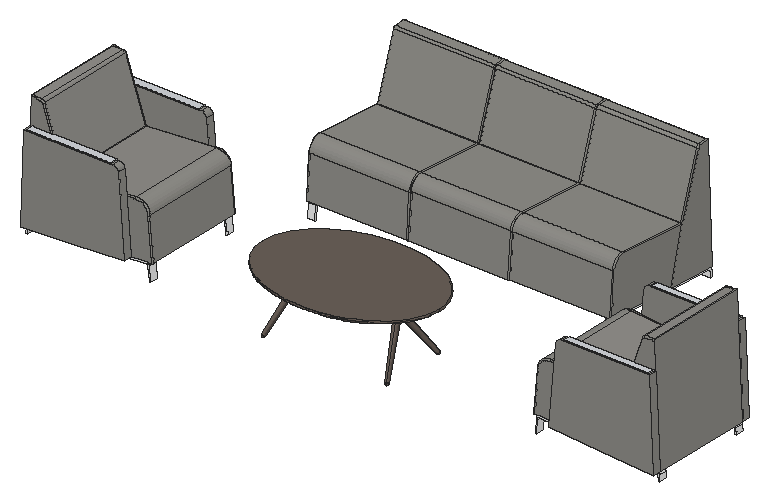
Revit family "T300191", category Furniture, Revit 2015 (continued)
Definition of nested family "OFS NEOM CHAIR"
  Automatic sketch dimensions
    profile plane to Sweep 13 sketch curve = 2.06192"
    profile plane to Sweep 13 sketch curve = 9.15384"
    profile plane to Sweep 13 sketch curve = 4.35087"
    Sweep 13 sketch curve to Sweep 13 sketch curve = 0.64948"
    profile plane to Sweep 13 sketch curve = 1.50087"
    Sweep 13 sketch curve to Sweep 13 sketch curve = 0.1347"
    Sweep 13 sketch curve to Sweep 13 sketch curve = 0.70844"
    Sweep 13 sketch curve to Sweep 13 sketch curve = 0.00983"
    Sweep 13 sketch curve to Sweep 13 sketch curve = 12 129/256"
    Sweep 13 sketch curve to Sweep 13 sketch curve = 13.82007"
    Sweep 13 sketch curve to Sweep 13 sketch curve = 0.50147"
    Sweep 13 sketch curve to Sweep 13 sketch curve = 0.05454"
    Sweep 13 sketch curve to Sweep 13 sketch curve = 0.11897"
    Extrusion 14 sketch curve to Extrusion 14 sketch curve = 0"  (x4)
    Extrusion 14 sketch curve to plane 4 = 5.67548"
    plane 1 "Center Front/Back" to Extrusion 14 sketch curve = 1.00268"
    level to Extrusion 14 sketch curve = 23.13623"
    Extrusion 14 sketch curve to Extrusion 14 sketch curve = 0.61121"
    Extrusion 14 sketch curve to Extrusion 14 sketch curve = 0.62262"
    Extrusion 14 sketch curve to Extrusion 14 sketch curve = 0.31381"
    Extrusion 14 sketch curve to plane 4 = 7.26527"
    Extrusion 14 sketch curve to Extrusion 14 sketch curve = 0.24905"
    Extrusion 14 sketch curve to Extrusion 14 sketch curve = 0.99619"
    plane 8 to Extrusion 14 sketch curve = 2.15801"
    Extrusion 14 sketch curve to Extrusion 14 sketch curve = 0.68566"
    Extrusion 14 sketch curve to Extrusion 14 sketch curve = 0.40562"
    Extrusion 14 sketch curve to Extrusion 14 sketch curve = 0.15691"
    Extrusion 14 sketch curve to Extrusion 14 sketch curve = 0.24871"
    Extrusion 14 sketch curve to Extrusion 14 sketch curve = 0.34283"
    Extrusion 14 sketch curve to Extrusion 14 sketch curve = 1/4"
    Extrusion 14 sketch curve to Extrusion 14 sketch curve = 3/8"
    Extrusion 14 sketch curve to Extrusion 14 sketch curve = 0.89106"
    level to Extrusion 14 sketch curve = 7.94146"
    Extrusion 14 sketch curve to Extrusion 14 sketch curve = 0.71573"
    Extrusion 15 sketch curve to level = 0"  (x2)
    Extrusion 15 sketch curve to plane 4 = 0.95443"
    level to Extrusion 15 sketch curve = 3.9561"
    Extrusion 15 sketch curve to plane 4 = 1.22613"
    Extrusion 15 sketch curve to Extrusion 15 sketch curve = 0.37629"
    Extrusion 15 sketch curve to Extrusion 15 sketch curve = 0.37371"  (x2)
    Extrusion 15 sketch curve to Extrusion 15 sketch curve = 0.39848"
    Extrusion 15 sketch curve to Extrusion 15 sketch curve = 0.02477"  (x3)
    level to Extrusion 15 sketch curve = 2.50605"
    plane 8 to Extrusion 15 sketch curve = 9.50077"
    level to Extrusion 15 sketch curve = 2.88024"
    plane 1 "Center Front/Back" to Extrusion 15 sketch curve = 15/16"
    Extrusion 15 sketch curve to Extrusion 15 sketch curve = 0.34971"
    plane 1 "Center Front/Back" to Extrusion 15 sketch curve = 0.51516"
    plane 1 "Center Front/Back" to Extrusion 15 sketch curve = 0.21331"
    plane 1 "Center Front/Back" to Extrusion 15 sketch curve = 0.13965"
    Extrusion 15 sketch curve to Extrusion 15 sketch curve = 0"  (x2)
    Extrusion 15 sketch curve to Extrusion 15 sketch curve = 0.37449"
    Extrusion 15 sketch curve to Extrusion 15 sketch curve = 0.37418"  (x2)
    Extrusion 15 sketch curve to Extrusion 15 sketch curve = 0.31207"
    Extrusion 15 sketch curve to Extrusion 15 sketch curve = 0.03105"
    level to Extrusion 15 sketch curve = 2.1147"
    Extrusion 15 sketch curve to Extrusion 15 sketch curve = 0.33493"
    Extrusion 15 sketch curve to Extrusion 15 sketch curve = 0.01963"
    Extrusion 16 sketch curve to plane 4 = 5.66596"
    plane 1 "Center Front/Back" to Extrusion 16 sketch curve = 1.06705"
    level to Extrusion 16 sketch curve = 23.13623"
    Extrusion 16 sketch curve to plane 4 = 7.26527"
    Extrusion 16 sketch curve to Extrusion 16 sketch curve = 1.24524"
    level to Extrusion 16 sketch curve = 2.88024"
    plane 8 to Extrusion 16 sketch curve = 9.476"
    plane 1 "Center Front/Back" to Extrusion 16 sketch curve = 0.11542"
    Extrusion 16 sketch curve to Extrusion 16 sketch curve = 1.14106"
    level to Extrusion 16 sketch curve = 3.71493"
    level to Extrusion 16 sketch curve = 2.06192"
    Extrusion 17 sketch curve to plane 9 = 0"
    Extrusion 17 sketch curve to plane 10 = 0"
    Extrusion 17 sketch curve to plane 8 = 1.29243"
    Extrusion 17 sketch curve to plane 4 = 9.07958"
Definition of nested family "OFS ROO OVAL COFFEE TABLE 42x30"
  Parameters (values of type "ROO OVAL COFFEE TABLE 42x30")
    URL = "https://ofs.com/"
    Table Surface Material = none
    Legs Material = none
    Height = 15"
    Depth = 30"
    Model = "RO-4230OV15H"
    Manufacturer = "CAROLINA"
    Description = "OFS CAROLINA ROO OVAL COFFEE TABLE, 42\" Width, 30\" Depth, 15\" Height, 3/4\" Thick Tops with Flat Knife Edge, European Beech Legs"
    Width = 42"
    Copyright © = "©OFS 2019"
    Catalog = "https://ofs.com/products/tables/occasional/roo"
    Base Material = none
    Authoring Version = "Autodesk Revit Architecture 2015"
    Assembly Code = "E2020200"
  Reference planes
    plane 1: z = -3.175
    plane 2 "LEFT": x = -176.403
    plane 3 "RIGHT": x = 890.397
    plane 4 "BACK": y = 169.325
    plane 5 "FRONT": y = -592.675
    plane 6 "SURFACE TOP": z = 377.825
    plane 7: y = -211.675
    plane 8: x = 356.997
  Forms (mm)
    Extrusion 1, solid, material <- "Base Material"
      sketch origin (356.132, -568.671, 377.825) x (-1, 0, 0) y (0, -1, 0)
        loop
          line (-211.675, -280.797) -> (-364.075, -280.797) -> (-364.075, -433.197) -> (-211.675, -433.197) -> (-211.675, -280.797)
      from -19.05 to -23.812
    Sweep 2, solid, material <- "Base Material"
      path origin (356.462, -440.275, 0) x (-1, 0, 0) y (0, 0, 1)
        loop
          line (-287.875, 354.012) -> (-287.875, 313.544)
          arc (-287.875, 313.544) -> (-281.129, 297.258) -> (-264.843, 290.512) r 23.032
          line (-264.843, 290.512) -> (-229.135, 290.512)
      profile origin (644.337, -440.275, 333.778) x (0, 1, 0) y (-1, 0, 0)
        loop
          circle (228.6, 0) r 15.875
    Sweep 3, solid, material <- "Base Material"
      path origin (521.596, 74.628, 0) x (0.406737, 0.913545, 0) y (0, 0, 1)
        loop
          line (-211.675, 354.012) -> (-211.675, 323.661)
          arc (-211.675, 323.661) -> (-206.533, 291.749) -> (-191.628, 263.067) r 101.6
          line (-191.628, 263.067) -> (-175.755, 241.704)
      profile origin (435.5, -118.746, 338.837) x (0.913545, -0.406737, 0) y (0.406737, 0.913545, 0)
        loop
          circle (228.6, 0) r 15.875
    SweptBlend 4, solid, material <- "Legs Material"
      path origin (521.596, 74.628, 0) x (0.406737, 0.913545, 0) y (0, 0, 1)
        loop
          line (-175.755, 241.704) -> (-1.038, 6.555)
      profile origin (450.11, -85.932, 241.704) x (0.326482, 0.73329, 0.596401) y (0.913545, -0.406737, 0)
        loop
          circle (0, 228.6) r 15.875
      end profile origin (521.174, 73.681, 6.555) x (0.326482, 0.73329, 0.596401) y (0.913545, -0.406737, 0)
        loop
          circle (0, 228.6) r 9.525
    Revolve 5, solid, material <- "Legs Material"
      sketch origin (730.433, -18.352, 0) x (0.406737, 0.913545, 0) y (0, 0, 1)
        loop
          line (-1.038, 6.555) -> (4.643, -1.091)
          arc (4.643, -1.091) -> (8.386, 5.166) -> (6.608, 12.236) r 9.525
          line (6.608, 12.236) -> (-1.038, 6.555)
        axis (4.643, -1.091) -> (-1.038, 6.555)
      angle from 0 to 360
    Sweep 6, solid, material <- "Base Material"
      path origin (521.596, -497.978, 0) x (0.406737, -0.913545, 0) y (0, 0, -1)
        loop
          line (-211.675, -354.012) -> (-211.675, -323.661)
          arc (-211.675, -323.661) -> (-206.533, -291.749) -> (-191.628, -263.067) r 101.6
          line (-191.628, -263.067) -> (-175.755, -241.704)
      profile origin (435.5, -304.604, 338.837) x (0.913545, 0.406737, 0) y (-0.406737, 0.913545, 0)
        loop
          circle (228.6, 0) r 15.875
    SweptBlend 7, solid, material <- "Legs Material"
      path origin (521.596, -497.978, 0) x (0.406737, -0.913545, 0) y (0, 0, -1)
        loop
          line (-175.755, -241.704) -> (-1.038, -6.555)
      profile origin (450.11, -337.418, 241.704) x (-0.326482, 0.73329, -0.596401) y (0.913545, 0.406737, 0)
        loop
          circle (0, 228.6) r 15.875
      end profile origin (521.174, -497.03, 6.555) x (-0.326482, 0.73329, -0.596401) y (0.913545, 0.406737, 0)
        loop
          circle (0, 228.6) r 9.525
    Revolve 8, solid, material <- "Legs Material"
      sketch origin (730.433, -404.998, 0) x (0.406737, -0.913545, 0) y (0, 0, -1)
        loop
          line (-1.038, -6.555) -> (6.608, -12.236)
          arc (6.608, -12.236) -> (8.386, -5.166) -> (4.643, 1.091) r 9.525
          line (4.643, 1.091) -> (-1.038, -6.555)
        axis (4.643, 1.091) -> (-1.038, -6.555)
      angle from 0 to 360
    Extrusion 9, solid, material <- "Base Material"
      sketch origin (357.861, -568.671, 377.825) x (1, 0, 0) y (0, 1, 0)
        loop
          line (-211.675, 280.797) -> (-211.675, 433.197) -> (-364.075, 433.197) -> (-364.075, 280.797) -> (-211.675, 280.797)
      from -19.05 to -23.812
    Sweep 10, solid, material <- "Base Material"
      path origin (357.531, -440.275, 0) x (1, 0, 0) y (0, 0, -1)
        loop
          line (-287.875, -354.012) -> (-287.875, -313.544)
          arc (-287.875, -313.544) -> (-281.129, -297.258) -> (-264.843, -290.512) r 23.032
          line (-264.843, -290.512) -> (-229.135, -290.512)
      profile origin (69.656, -440.275, 333.778) x (0, 1, 0) y (-1, 0, 0)
        loop
          circle (228.6, 0) r 15.875
    Sweep 11, solid, material <- "Base Material"
      path origin (192.397, 74.628, 0) x (-0.406737, 0.913545, 0) y (0, 0, -1)
        loop
          line (-211.675, -354.012) -> (-211.675, -323.661)
          arc (-211.675, -323.661) -> (-206.533, -291.749) -> (-191.628, -263.067) r 101.6
          line (-191.628, -263.067) -> (-175.755, -241.704)
      profile origin (278.493, -118.746, 338.837) x (-0.913545, -0.406737, 0) y (0.406737, -0.913545, 0)
        loop
          circle (228.6, 0) r 15.875
    SweptBlend 12, solid, material <- "Legs Material"
      path origin (192.397, 74.628, 0) x (-0.406737, 0.913545, 0) y (0, 0, -1)
        loop
          line (-175.755, -241.704) -> (-1.038, -6.555)
      profile origin (263.883, -85.932, 241.704) x (0.326482, -0.73329, -0.596401) y (-0.913545, -0.406737, 0)
        loop
          circle (0, 228.6) r 15.875
      end profile origin (192.819, 73.681, 6.555) x (0.326482, -0.73329, -0.596401) y (-0.913545, -0.406737, 0)
        loop
          circle (0, 228.6) r 9.525
    Revolve 13, solid, material <- "Legs Material"
      sketch origin (-16.44, -18.352, 0) x (-0.406737, 0.913545, 0) y (0, 0, -1)
        loop
          line (-1.038, -6.555) -> (6.608, -12.236)
          arc (6.608, -12.236) -> (8.386, -5.166) -> (4.643, 1.091) r 9.525
          line (4.643, 1.091) -> (-1.038, -6.555)
        axis (4.643, 1.091) -> (-1.038, -6.555)
      angle from 0 to 360
    Sweep 14, solid, material <- "Base Material"
      path origin (192.397, -497.978, 0) x (-0.406737, -0.913545, 0) y (0, 0, 1)
        loop
          line (-211.675, 354.012) -> (-211.675, 323.661)
          arc (-211.675, 323.661) -> (-206.533, 291.749) -> (-191.628, 263.067) r 101.6
          line (-191.628, 263.067) -> (-175.755, 241.704)
      profile origin (278.493, -304.604, 338.837) x (-0.913545, 0.406737, 0) y (-0.406737, -0.913545, 0)
        loop
          circle (228.6, 0) r 15.875
    SweptBlend 15, solid, material <- "Legs Material"
      path origin (192.397, -497.978, 0) x (-0.406737, -0.913545, 0) y (0, 0, 1)
        loop
          line (-175.755, 241.704) -> (-1.038, 6.555)
      profile origin (263.883, -337.418, 241.704) x (-0.326482, -0.73329, 0.596401) y (-0.913545, 0.406737, 0)
        loop
          circle (0, 228.6) r 15.875
      end profile origin (192.819, -497.03, 6.555) x (-0.326482, -0.73329, 0.596401) y (-0.913545, 0.406737, 0)
        loop
          circle (0, 228.6) r 9.525
    Revolve 16, solid, material <- "Legs Material"
      sketch origin (-16.44, -404.998, 0) x (-0.406737, -0.913545, 0) y (0, 0, 1)
        loop
          line (-1.038, 6.555) -> (4.643, -1.091)
          arc (4.643, -1.091) -> (8.386, 5.166) -> (6.608, 12.236) r 9.525
          line (6.608, 12.236) -> (-1.038, 6.555)
        axis (4.643, -1.091) -> (-1.038, 6.555)
      angle from 0 to 360
    Extrusion 17, solid, material <- "Legs Material"
      sketch origin (-176.403, 0, 0) x (0, 1, 0) y (0, 0, 1)
        loop
          circle (-211.675, 290.512) r 15.875
      from 762 to 304.8
    Extrusion 18, solid, material <- "Table Surface Material"
      sketch origin (0, 0, 377.825) x (0, 1, 0) y (-1, 0, 0)
        loop
          spline (-211.675, 176.403) -> (-310.285, 158.228) -> (-402.175, 104.941) -> (-481.082, 20.174) -> (-541.63, -90.297) -> (-579.693, -218.942) -> (-592.675, -356.997) -> (-579.693, -495.051) -> (-541.63, -623.697) -> (-481.082, -734.167) -> (-402.175, -818.934) -> (-310.285, -872.221) -> (-211.675, -890.397)
          spline (-211.675, -890.397) -> (-113.065, -872.221) -> (-21.175, -818.934) -> (57.733, -734.167) -> (118.281, -623.697) -> (156.343, -495.051) -> (169.325, -356.997) -> (156.343, -218.942) -> (118.281, -90.297) -> (57.733, 20.174) -> (-21.175, 104.941) -> (-113.065, 158.228) -> (-211.675, 176.403)
      from 0 to -19.05
    Sweep 19, void
      path in 3D
        loop
          spline (890.397, -211.675, 377.825) -> (872.221, -310.285, 377.825) -> (818.934, -402.175, 377.825) -> (734.167, -481.082, 377.825) -> (623.697, -541.63, 377.825) -> (495.051, -579.693, 377.825) -> (356.997, -592.675, 377.825) -> (218.942, -579.693, 377.825) -> (90.297, -541.63, 377.825) -> (-20.174, -481.082, 377.825) -> (-104.941, -402.175, 377.825) -> (-158.228, -310.285, 377.825) -> (-176.403, -211.675, 377.825)
          spline (-176.403, -211.675, 377.825) -> (-158.228, -113.065, 377.825) -> (-104.941, -21.175, 377.825) -> (-20.174, 57.733, 377.825) -> (90.297, 118.281, 377.825) -> (218.942, 156.343, 377.825) -> (356.997, 169.325, 377.825) -> (495.051, 156.343, 377.825) -> (623.697, 118.281, 377.825) -> (734.167, 57.733, 377.825) -> (818.934, -21.175, 377.825) -> (872.221, -113.065, 377.825) -> (890.397, -211.675, 377.825)
      profile origin (356.997, 169.325, 377.825) x (0, 1, 0) y (0, 0, 1)
        loop
          line (1.588, -8.389) -> (-16.663, -20.241) -> (1.588, -20.241) -> (1.588, -8.389)
  Cuts and joins
    Sweep 19 cuts Extrusion 18
  Lines and regions (mm)
    sketch lines
      curve 1: spline (-176.403, -211.675, 377.825) -> (-158.228, -113.065, 377.825) -> (-104.941, -21.175, 377.825) -> (-20.174, 57.733, 377.825) -> (90.297, 118.281, 377.825) -> (218.942, 156.343, 377.825) -> (356.997, 169.325, 377.825) -> (495.051, 156.343, 377.825) -> (623.697, 118.281, 377.825) -> (734.167, 57.733, 377.825) -> (818.934, -21.175, 377.825) -> (872.221, -113.065, 377.825) -> (890.397, -211.675, 377.825)
      curve 2: spline (890.397, -211.675, 377.825) -> (872.221, -310.285, 377.825) -> (818.934, -402.175, 377.825) -> (734.167, -481.082, 377.825) -> (623.697, -541.63, 377.825) -> (495.051, -579.693, 377.825) -> (356.997, -592.675, 377.825) -> (218.942, -579.693, 377.825) -> (90.297, -541.63, 377.825) -> (-20.174, -481.082, 377.825) -> (-104.941, -402.175, 377.825) -> (-158.228, -310.285, 377.825) -> (-176.403, -211.675, 377.825)
  Dimensions and locks
    "Depth": plane 4 "BACK" to plane 5 "FRONT"
    "Width": plane 2 "LEFT" to plane 3 "RIGHT"
    "Height": plane 6 "SURFACE TOP" to level
    equal spacing: plane 2 "LEFT", plane 8, plane 3 "RIGHT"
    equal spacing: plane 4 "BACK", plane 7, plane 5 "FRONT"
    aligned: level to plane 1
  Automatic sketch dimensions
    Extrusion 1 sketch curve to plane 3 "RIGHT" = 6.70039"
    plane 7 to Extrusion 1 sketch curve = 3"
    Extrusion 1 sketch curve to plane 7 = 3"
    Extrusion 1 sketch curve to Extrusion 1 sketch curve = 6"
    Sweep 2 sketch curve to plane 3 "RIGHT" = 9.6874"
    Sweep 2 sketch curve to plane 6 "SURFACE TOP" = 3 7/16"
    Sweep 2 sketch curve to Sweep 2 sketch curve = 0.90676"
    Sweep 2 sketch curve to Sweep 2 sketch curve = 1.40584"
    Sweep 2 sketch curve to plane 6 "SURFACE TOP" = 15/16"
    Sweep 2 sketch curve to profile plane = 0"
    profile plane to Sweep 2 sketch curve = 9"
    Sweep 3 sketch curve to plane 6 "SURFACE TOP" = 2.13242"
    Sweep 3 sketch curve to plane 6 "SURFACE TOP" = 4.51803"
    Sweep 3 sketch curve to Sweep 3 sketch curve = 0.78925"
    Sweep 3 sketch curve to plane 6 "SURFACE TOP" = 5.35908"
    Sweep 3 sketch curve to Sweep 3 sketch curve = 0.62491"
    Sweep 3 sketch curve to plane 6 "SURFACE TOP" = 15/16"
    profile plane to Sweep 3 sketch curve = 0"
    profile plane to Sweep 3 sketch curve = 9"
    SweptBlend 4 sketch curve to plane 6 "SURFACE TOP" = 5.35908"
    level to SweptBlend 4 sketch curve = 0.38307"
    SweptBlend 4 sketch curve to SweptBlend 4 sketch curve = 6.87864"
    SweptBlend 4 sketch curve to profile plane = 0"  (x2)
    profile plane to SweptBlend 4 sketch curve = 9"  (x2)
    level to Revolve 5 sketch curve = 0.38307"  (x2)
    level to Revolve 5 sketch curve = 0.08206"
    level to Revolve 5 sketch curve = 0.60672"
    Revolve 5 sketch curve to Revolve 5 sketch curve = 0.22365"
    level to Revolve 5 sketch curve = 0.94024"
    Revolve 5 sketch curve to Revolve 5 sketch curve = 0.41398"
    Revolve 5 sketch curve to Revolve 5 sketch curve = 0"  (x2)
    Sweep 6 sketch curve to plane 6 "SURFACE TOP" = 2.13242"
    Sweep 6 sketch curve to plane 6 "SURFACE TOP" = 4.51803"
    Sweep 6 sketch curve to Sweep 6 sketch curve = 0.78925"
    Sweep 6 sketch curve to plane 6 "SURFACE TOP" = 5.35908"
    Sweep 6 sketch curve to Sweep 6 sketch curve = 0.62491"
    Sweep 6 sketch curve to plane 6 "SURFACE TOP" = 15/16"
    profile plane to Sweep 6 sketch curve = 0"
    profile plane to Sweep 6 sketch curve = 9"
    SweptBlend 7 sketch curve to plane 6 "SURFACE TOP" = 5.35908"
    level to SweptBlend 7 sketch curve = 0.38307"
    SweptBlend 7 sketch curve to SweptBlend 7 sketch curve = 6.87864"
    SweptBlend 7 sketch curve to profile plane = 0"  (x2)
    profile plane to SweptBlend 7 sketch curve = 9"  (x2)
    level to Revolve 8 sketch curve = 0.38307"  (x2)
    level to Revolve 8 sketch curve = 0.08206"
    level to Revolve 8 sketch curve = 0.60672"
    Revolve 8 sketch curve to Revolve 8 sketch curve = 0.22365"
    level to Revolve 8 sketch curve = 0.94024"
    Revolve 8 sketch curve to Revolve 8 sketch curve = 0.41398"
    Revolve 8 sketch curve to Revolve 8 sketch curve = 0"  (x2)
    plane 2 "LEFT" to Extrusion 9 sketch curve = 6.70039"
    Extrusion 9 sketch curve to plane 7 = 3"
    Extrusion 9 sketch curve to Extrusion 9 sketch curve = 6"
    plane 7 to Extrusion 9 sketch curve = 3"
    plane 2 "LEFT" to Sweep 10 sketch curve = 9.6874"
    Sweep 10 sketch curve to plane 6 "SURFACE TOP" = 2.53074"
    Sweep 10 sketch curve to Sweep 10 sketch curve = 0.90676"
    Sweep 10 sketch curve to Sweep 10 sketch curve = 1.40584"
    Sweep 10 sketch curve to plane 6 "SURFACE TOP" = 15/16"
    Sweep 10 sketch curve to profile plane = 0"
    profile plane to Sweep 10 sketch curve = 9"
    Sweep 11 sketch curve to plane 6 "SURFACE TOP" = 2.13242"
    Sweep 11 sketch curve to plane 6 "SURFACE TOP" = 4.51803"
    Sweep 11 sketch curve to Sweep 11 sketch curve = 0.78925"
    Sweep 11 sketch curve to plane 6 "SURFACE TOP" = 5.35908"
    Sweep 11 sketch curve to Sweep 11 sketch curve = 0.62491"
    Sweep 11 sketch curve to plane 6 "SURFACE TOP" = 15/16"
    Sweep 11 sketch curve to profile plane = 0"
    profile plane to Sweep 11 sketch curve = 9"
    SweptBlend 12 sketch curve to plane 6 "SURFACE TOP" = 5.35908"
    level to SweptBlend 12 sketch curve = 0.38307"
    SweptBlend 12 sketch curve to SweptBlend 12 sketch curve = 6.87864"
    profile plane to SweptBlend 12 sketch curve = 0"  (x2)
    profile plane to SweptBlend 12 sketch curve = 9"  (x2)
    level to Revolve 13 sketch curve = 0.38307"  (x2)
    level to Revolve 13 sketch curve = 0.08206"
    level to Revolve 13 sketch curve = 0.60672"
    Revolve 13 sketch curve to Revolve 13 sketch curve = 0.22365"
    level to Revolve 13 sketch curve = 0.94024"
    Revolve 13 sketch curve to Revolve 13 sketch curve = 0.41398"
    Revolve 13 sketch curve to Revolve 13 sketch curve = 0"  (x2)
    Sweep 14 sketch curve to plane 6 "SURFACE TOP" = 2.13242"
    Sweep 14 sketch curve to plane 6 "SURFACE TOP" = 4.51803"
    Sweep 14 sketch curve to Sweep 14 sketch curve = 0.78925"
    Sweep 14 sketch curve to plane 6 "SURFACE TOP" = 5.35908"
    Sweep 14 sketch curve to Sweep 14 sketch curve = 0.62491"
    Sweep 14 sketch curve to plane 6 "SURFACE TOP" = 15/16"
    Sweep 14 sketch curve to profile plane = 0"
    profile plane to Sweep 14 sketch curve = 9"
    SweptBlend 15 sketch curve to plane 6 "SURFACE TOP" = 5.35908"
    level to SweptBlend 15 sketch curve = 0.38307"
    SweptBlend 15 sketch curve to SweptBlend 15 sketch curve = 6.87864"
    profile plane to SweptBlend 15 sketch curve = 0"  (x2)
    profile plane to SweptBlend 15 sketch curve = 9"  (x2)
    level to Revolve 16 sketch curve = 0.38307"  (x2)
    level to Revolve 16 sketch curve = 0.08206"
    level to Revolve 16 sketch curve = 0.60672"
    Revolve 16 sketch curve to Revolve 16 sketch curve = 0.22365"
    level to Revolve 16 sketch curve = 0.94024"
    Revolve 16 sketch curve to Revolve 16 sketch curve = 0.41398"
    Revolve 16 sketch curve to Revolve 16 sketch curve = 0"  (x2)
    Extrusion 17 sketch curve to plane 7 = 0"
    Extrusion 17 sketch curve to plane 6 "SURFACE TOP" = 3 7/16"
    profile plane to Sweep 19 sketch curve = 0.65601"
    Sweep 19 sketch curve to profile plane = 51/64"
    Sweep 19 sketch curve to profile plane = 1/16"
    Sweep 19 sketch curve to profile plane = 0.33027"
    Extrusion 18 sketch curve to plane 2 "LEFT" = 0"
    Extrusion 18 sketch curve to plane 7 = 0"
    Extrusion 18 sketch curve to plane 8 = 0"
    radius of Sweep 2 sketch curve = 5/8"
    radius of Sweep 3 sketch curve = 5/8"
    radius of SweptBlend 4 sketch curve = 5/8"
    radius of SweptBlend 4 sketch curve = 3/8"
    radius of Sweep 6 sketch curve = 5/8"
    radius of SweptBlend 7 sketch curve = 5/8"
    radius of SweptBlend 7 sketch curve = 3/8"
    radius of Sweep 10 sketch curve = 5/8"
    radius of Sweep 11 sketch curve = 5/8"
    radius of SweptBlend 12 sketch curve = 5/8"
    radius of SweptBlend 12 sketch curve = 3/8"
    radius of Sweep 14 sketch curve = 5/8"
    radius of SweptBlend 15 sketch curve = 5/8"
    radius of SweptBlend 15 sketch curve = 3/8"
    radius of Extrusion 17 sketch curve = 5/8"
Definition of nested family "OFS ELEMENT OPEN L DESK LEFT AND RIGHT 84in Width 60in Return"
  Parameters (values of type "ELEMENT OPEN L DESK RIGHT RETURN 84in Width 60in Return")
    Worksurface Material = none
    Width = 84"
    URL = "http://www.ofsbrands.com/"
    Transaction Shelf Material = none
    Table Supp from Lateral = 2 5/8"
    Table Supp from Center = 11 1/8"
    Table Depth = 13 1/2"
    Right Return Desk Option = no
    Right Desk Ovelay [instance] = and(Right Return Desk Option, Desk Overlay Option)  # no
    Return Worksurface Width = 22"
    Paper Organizer Material = none
    Paper Organizer Depth = 12 3/4"
    Paper Organizer Clearance = 4 5/8"
    Paper Organizer Board Thickness = 3/4"
    Model = "EL-T84RL60C"
    Manufacturer = "OFS"
    Left Return Desk Option = yes
    Left Desk Overlay [instance] = and(Left Return Desk Option, Desk Overlay Option)  # yes
    Lateral Board Thickness = 1 3/16"
    Height = 45"
    Standoffs Material = none
    Groomet Material = none
    Desk Overlay Thickness = 1/8"
    Desk Overlay Option [instance] = yes
    Desk Overlay Material = none
    Desk Overlay = 6 1/2"
    Description = "OFS BRANDS OFS ELEMENT OPEN L DESK RIGHT RETURN 84\" Width, 84\"W x 34.3125\"D DESK, 60\"W x 22\"D RETURN With Paper Organizer"
    Desk Depth = 34 5/16"
    Depth = 94 5/16"
    Copyright © = "© 2018 OFS BRANDS"
    Catalog = "http://ofs.com/products/casegoods/reception/element"
    Bottom Board Offset = 0"
    Chassis Material = none
    Base Depth = 30"
    Back Board Thickness = 1 3/16"
    Authoring Version = "Autodesk Revit Architecture 2013"
    Assembly Code = "E2020200"
  Types (3): name | Model | Left Return Desk Option | Left Desk Overlay | Description
    (no name) | "EL-T84RL60C" | yes | yes | "OFS BRANDS OFS ELEMENT OPEN L DESK RIGHT RETURN 84\" Width, 84\"W x 34.3125\"D DESK, 60\"W x 22\"D RETURN With Paper Organizer"
    ELEMENT OPEN L DESK LEFT RETURN 84in Width 60in Return | "EL-T84LL60C" | no | no | "OFS BRANDS OFS ELEMENT OPEN L DESK LEFT RETURN 84\" Width, 84\"W x 34.3125\"D DESK, 60\"W x 22\"D RETURN With Paper Organizer"
    ELEMENT OPEN L DESK RIGHT RETURN 84in Width 60in Return | "EL-T84RL60C" | yes | yes | "OFS BRANDS OFS ELEMENT OPEN L DESK RIGHT RETURN 84\" Width, 84\"W x 34.3125\"D DESK, 60\"W x 22\"D RETURN With Paper Organizer"
  Reference planes
    plane 1 "Center Front/Back": y = 0
    plane 2: z = 0
    plane 3 "Center Left/Right": x = 0
    plane 4 "Back External": y = 435.769
    plane 5 "Right External": x = 1066.8
    plane 6 "Front External": y = -435.769
    plane 7 "Left External": x = -1066.8
    plane 8 "Seat Height": z = 749.3
    plane 9 "Height": z = 1143
    plane 10: x = 1036.638
    plane 11: x = -1036.638
    plane 12: y = 326.231
    plane 13: y = 296.069
    plane 14: y = 92.869
    plane 15: z = 1028.7
    plane 16: z = 723.9
    plane 17: z = 1114.425
    plane 18: z = 1000.125
    plane 19: z = 0
    plane 20: x = 1000.125
    plane 21: x = 66.675
    plane 22: x = 901.7
    plane 23: z = 165.1
    plane 24: z = 863.6
    plane 25: y = 329.406
    plane 26: y = -1959.769
    plane 27: x = -508
    plane 28: x = 508
    plane 29: y = -1929.606
    plane 30: x = -939.8
    plane 31: x = 939.8
    plane 32: y = -1197.769
    plane 33: x = 165.1
    plane 34: y = -465.931
    plane 35: y = -1910.556
    plane 36: x = -1017.588
    plane 37: y = -484.981
    plane 38: x = -712.788
    plane 39: z = 866.775
    plane 40: z = 1009.65
    plane 41: z = 885.825
    plane 42: y = -1563.688
    plane 43: y = -831.85
    plane 44: x = -731.838
    plane 45: x = 508
    plane 46: x = 939.8
    plane 47: y = -484.981
    plane 48: x = 712.788
    plane 49: y = -1563.687
    plane 50: y = -831.85
    plane 51: x = 731.838
    plane 52: x = -1000.125
    plane 53: x = -66.675
    plane 54: x = -901.7
    plane 55: x = -165.1
  Forms (mm)
    Extrusion 1, solid, material <- "Chassis Material", visible <- "Left Return Desk Option"
      sketch origin (0, 0, 0) x (1, 0, 0) y (0, 1, 0)
        loop
          line (1066.8, 326.231) -> (0, 326.231) -> (0, 296.069) -> (1036.638, 296.069) -> (1036.638, -435.769) -> (1066.8, -435.769) -> (1066.8, 326.231)
      from 0 to 1028.7
    Extrusion 2, solid, material <- "Chassis Material", visible <- "Left Return Desk Option"
      sketch origin (0, 0, 152.4) x (1, 0, 0) y (0, 1, 0)
        loop
          line (0, 296.069) -> (0, 92.869) -> (1036.638, 92.869) -> (1036.638, 296.069) -> (0, 296.069)
      from 847.725 to 876.3
    Extrusion 3, solid, material <- "Transaction Shelf Material", visible <- "Left Return Desk Option"
      sketch origin (0, 0, 152.4) x (1, 0, 0) y (0, 1, 0)
        loop
          line (0, 435.769) -> (0, 92.869) -> (1066.8, 92.869) -> (1066.8, 435.769) -> (0, 435.769)
      from 962.025 to 990.6
    Extrusion 4, solid, material <- "Standoffs Material", visible <- "Left Return Desk Option"
      sketch origin (1130.3, 0, 0) x (1, 0, 0) y (0, 1, 0)
        loop
          circle (-1063.625, 255.038) r 15.875
      from 1028.7 to 1114.425
    Extrusion 5, solid, material <- "Standoffs Material", visible <- "Left Return Desk Option"
      sketch origin (1130.3, -120.65, 0) x (1, 0, 0) y (0, 1, 0)
        loop
          circle (-1063.625, 255.038) r 15.875
      from 1028.7 to 1114.425
    Extrusion 6, solid, material <- "Standoffs Material", visible <- "Left Return Desk Option"
      sketch origin (1695.45, 0, 0) x (1, 0, 0) y (0, 1, 0)
        loop
          circle (-695.325, 255.038) r 15.875
      from 1028.7 to 1114.425
    Extrusion 7, solid, material <- "Standoffs Material", visible <- "Left Return Desk Option"
      sketch origin (1695.45, -120.65, 0) x (1, 0, 0) y (0, 1, 0)
        loop
          circle (-695.325, 255.038) r 15.875
      from 1028.7 to 1114.425
    Extrusion 8, solid, material <- "Chassis Material", visible <- "Left Return Desk Option"
      sketch origin (0, 0, 0) x (1, 0, 0) y (0, 1, 0)
        loop
          line (-1066.8, -435.769) -> (-1066.8, -1959.769) -> (-508, -1959.769) -> (-508, -1929.606) -> (-1036.638, -1929.606) -> (-1036.638, -465.931) -> (-508, -465.931) -> (-508, -435.769) -> (-1066.8, -435.769)
      from 0 to 1028.7
    Extrusion 9, solid, material <- "Worksurface Material", visible <- "Left Return Desk Option"
      sketch origin (376.917, -823.965, 0) x (1, 0, 0) y (0, 1, 0)
        loop
          line (-1413.555, 358.034) -> (-1413.555, -1105.641) -> (-884.917, -1105.641) -> (-884.917, 358.034) -> (-1413.555, 358.034)
      from 723.9 to 749.3
    Extrusion 10, solid, material <- "Desk Overlay Material", visible <- "Left Desk Overlay"
      sketch origin (0, 0, 0) x (1, 0, 0) y (0, 0, 1)
        loop
          line (901.7, 863.6) -> (165.1, 863.6) -> (165.1, 165.1) -> (901.7, 165.1) -> (901.7, 863.6)
      from -329.406 to -326.231
    Extrusion 11, solid, material <- "Chassis Material", visible <- "Left Return Desk Option"
      sketch origin (-472.054, -100.338, 0) x (1, 0, 0) y (0, 1, 0)
        loop
          line (502.217, 396.407) -> (472.054, 396.407) -> (472.054, 100.338) -> (502.217, 100.338) -> (502.217, 396.407)
      from 0 to 723.9
    Extrusion 12, solid, material <- "Paper Organizer Material", visible <- "Left Return Desk Option"
      sketch origin (0, 0, 0) x (1, 0, 0) y (0, 1, 0)
        loop
          line (-712.788, -484.981) -> (-712.788, -465.931) -> (-1036.638, -465.931) -> (-1036.638, -1929.606) -> (-712.788, -1929.606) -> (-712.788, -1910.556) -> (-1017.588, -1910.556) -> (-1017.588, -484.981) -> (-712.788, -484.981)
      from 866.775 to 1028.7
    Extrusion 13, solid, material <- "Paper Organizer Material", visible <- "Left Return Desk Option"
      sketch origin (0, 0, 0) x (1, 0, 0) y (0, 1, 0)
        loop
          line (-1036.638, -465.931) -> (-1036.638, -1929.606) -> (-712.788, -1929.606) -> (-712.788, -465.931) -> (-1036.638, -465.931)
      from 1009.65 to 1028.7
    Extrusion 14, solid, material <- "Paper Organizer Material", visible <- "Left Return Desk Option"
      sketch origin (0, 0, 0) x (1, 0, 0) y (0, 1, 0)
        loop
          line (-1036.638, -465.931) -> (-1036.638, -1929.606) -> (-712.788, -1929.606) -> (-712.788, -465.931) -> (-1036.638, -465.931)
      from 866.775 to 885.825
    Extrusion 15, solid, material <- "Paper Organizer Material", visible <- "Left Return Desk Option"
      sketch origin (0, 0, 0) x (1, 0, 0) y (0, 1, 0)
        loop
          line (-1017.588, -828.675) -> (-1017.588, -835.025) -> (-731.838, -835.025) -> (-731.838, -828.675) -> (-1017.588, -828.675)
      from 885.825 to 1009.65
    Extrusion 16, solid, material <- "Paper Organizer Material", visible <- "Left Return Desk Option"
      sketch origin (0, -289.719, 0) x (1, 0, 0) y (0, 1, 0)
        loop
          line (-1017.588, -904.875) -> (-1017.588, -911.225) -> (-731.838, -911.225) -> (-731.838, -904.875) -> (-1017.588, -904.875)
      from 885.825 to 1009.65
    Extrusion 17, solid, material <- "Paper Organizer Material", visible <- "Left Return Desk Option"
      sketch origin (0, -579.438, 0) x (1, 0, 0) y (0, 1, 0)
        loop
          line (-1017.588, -981.075) -> (-1017.588, -987.425) -> (-731.838, -987.425) -> (-731.838, -981.075) -> (-1017.588, -981.075)
      from 885.825 to 1009.65
    Extrusion 18, solid, material <- "Chassis Material", visible <- "Right Return Desk Option"
      sketch origin (0, 0, 0) x (-1, 0, 0) y (0, -1, 0)
        loop
          line (-1066.8, 435.769) -> (-508, 435.769) -> (-508, 465.931) -> (-1036.638, 465.931) -> (-1036.638, 1929.606) -> (-508, 1929.606) -> (-508, 1959.769) -> (-1066.8, 1959.769) -> (-1066.8, 435.769)
      from 0 to 1028.7
    Extrusion 19, solid, material <- "Worksurface Material", visible <- "Right Return Desk Option"
      sketch origin (-376.917, -823.965, 0) x (-1, 0, 0) y (0, -1, 0)
        loop
          line (-1413.555, -358.034) -> (-884.917, -358.034) -> (-884.917, 1105.641) -> (-1413.555, 1105.641) -> (-1413.555, -358.034)
      from 723.9 to 749.3
    Extrusion 20, solid, material <- "Paper Organizer Material", visible <- "Right Return Desk Option"
      sketch origin (0, 0, 0) x (-1, 0, 0) y (0, -1, 0)
        loop
          line (-712.788, 484.981) -> (-1017.587, 484.981) -> (-1017.587, 1910.556) -> (-712.788, 1910.556) -> (-712.788, 1929.606) -> (-1036.638, 1929.606) -> (-1036.638, 465.931) -> (-712.788, 465.931) -> (-712.788, 484.981)
      from 866.775 to 1028.7
    Extrusion 21, solid, material <- "Paper Organizer Material", visible <- "Right Return Desk Option"
      sketch origin (0, 0, 0) x (-1, 0, 0) y (0, -1, 0)
        loop
          line (-1036.638, 465.931) -> (-712.788, 465.931) -> (-712.788, 1929.606) -> (-1036.638, 1929.606) -> (-1036.638, 465.931)
      from 1009.65 to 1028.7
    Extrusion 22, solid, material <- "Paper Organizer Material", visible <- "Right Return Desk Option"
      sketch origin (0, 0, 0) x (-1, 0, 0) y (0, -1, 0)
        loop
          line (-1036.638, 465.931) -> (-712.788, 465.931) -> (-712.788, 1929.606) -> (-1036.638, 1929.606) -> (-1036.638, 465.931)
      from 866.775 to 885.825
    Extrusion 23, solid, material <- "Paper Organizer Material", visible <- "Right Return Desk Option"
      sketch origin (0, 0, 0) x (-1, 0, 0) y (0, -1, 0)
        loop
          line (-1017.588, 828.675) -> (-731.838, 828.675) -> (-731.838, 835.025) -> (-1017.588, 835.025) -> (-1017.588, 828.675)
      from 885.825 to 1009.65
    Extrusion 24, solid, material <- "Paper Organizer Material", visible <- "Right Return Desk Option"
      sketch origin (0, -289.719, 0) x (-1, 0, 0) y (0, -1, 0)
        loop
          line (-1017.588, 904.875) -> (-731.838, 904.875) -> (-731.838, 911.225) -> (-1017.588, 911.225) -> (-1017.588, 904.875)
      from 885.825 to 1009.65
    Extrusion 25, solid, material <- "Paper Organizer Material", visible <- "Right Return Desk Option"
      sketch origin (0, -579.438, 0) x (-1, 0, 0) y (0, -1, 0)
        loop
          line (-1017.588, 981.075) -> (-731.838, 981.075) -> (-731.838, 987.425) -> (-1017.588, 987.425) -> (-1017.588, 981.075)
      from 885.825 to 1009.65
    Extrusion 26, solid, material <- "Worksurface Material", visible <- "Right Return Desk Option"
      sketch origin (0, 0, 0) x (-1, 0, 0) y (0, -1, 0)
        loop
          line (-914.4, -296.069) -> (1036.638, -296.069) -> (1036.638, 435.769) -> (-1066.8, 435.769) -> (-1066.8, -143.669)
          arc (-1066.8, -143.669) -> (-1022.163, -251.432) -> (-914.4, -296.069) r 152.4
      from 723.9 to 749.3
    Extrusion 27, solid, material <- "Chassis Material", visible <- "Right Return Desk Option"
      sketch origin (0, 0, 0) x (-1, 0, 0) y (0, -1, 0)
        loop
          line (1066.8, -326.231) -> (1066.8, 435.769) -> (1036.637, 435.769) -> (1036.637, -296.069) -> (0, -296.069) -> (0, -326.231) -> (1066.8, -326.231)
      from 0 to 1028.7
    Extrusion 28, solid, material <- "Transaction Shelf Material", visible <- "Right Return Desk Option"
      sketch origin (0, 0, 152.4) x (-1, 0, 0) y (0, -1, 0)
        loop
          line (0, -435.769) -> (1066.8, -435.769) -> (1066.8, -92.869) -> (0, -92.869) -> (0, -435.769)
      from 962.025 to 990.6
    Extrusion 29, solid, material <- "Standoffs Material", visible <- "Right Return Desk Option"
      sketch origin (-1130.3, 0, 0) x (-1, 0, 0) y (0, -1, 0)
        loop
          circle (-1063.625, -255.038) r 15.875
      from 1028.7 to 1114.425
    Extrusion 30, solid, material <- "Standoffs Material", visible <- "Right Return Desk Option"
      sketch origin (-1130.3, -120.65, 0) x (-1, 0, 0) y (0, -1, 0)
        loop
          circle (-1063.625, -255.038) r 15.875
      from 1028.7 to 1114.425
    Extrusion 31, solid, material <- "Standoffs Material", visible <- "Right Return Desk Option"
      sketch origin (-1695.45, 0, 0) x (-1, 0, 0) y (0, -1, 0)
        loop
          circle (-695.325, -255.038) r 15.875
      from 1028.7 to 1114.425
    Extrusion 32, solid, material <- "Standoffs Material", visible <- "Right Return Desk Option"
      sketch origin (-1695.45, -120.65, 0) x (-1, 0, 0) y (0, -1, 0)
        loop
          circle (-695.325, -255.038) r 15.875
      from 1028.7 to 1114.425
    Extrusion 33, solid, material <- "Chassis Material", visible <- "Right Return Desk Option"
      sketch origin (472.054, -100.338, 0) x (-1, 0, 0) y (0, -1, 0)
        loop
          line (502.217, -396.407) -> (502.217, -100.338) -> (472.054, -100.338) -> (472.054, -396.407) -> (502.217, -396.407)
      from 0 to 723.9
    Extrusion 34, solid, material <- "Chassis Material", visible <- "Right Return Desk Option"
      sketch origin (0, 0, 152.4) x (-1, 0, 0) y (0, -1, 0)
        loop
          line (0, -296.069) -> (1036.637, -296.069) -> (1036.637, -92.869) -> (0, -92.869) -> (0, -296.069)
      from 847.725 to 876.3
    Extrusion 35, solid, material <- "Desk Overlay Material", visible <- "Right Desk Ovelay"
      sketch origin (0, 0, 0) x (-1, 0, 0) y (0, 0, -1)
        loop
          line (901.7, -863.6) -> (901.7, -165.1) -> (165.1, -165.1) -> (165.1, -863.6) -> (901.7, -863.6)
      from -329.406 to -326.231
    Extrusion 36, solid, material <- "Worksurface Material", visible <- "Left Return Desk Option"
      sketch origin (0, 0, 0) x (1, 0, 0) y (0, 1, 0)
        loop
          arc (-914.4, 296.069) -> (-1022.163, 251.432) -> (-1066.8, 143.669) r 152.4
          line (-1066.8, 143.669) -> (-1066.8, -435.769) -> (1036.638, -435.769) -> (1036.638, 296.069) -> (-914.4, 296.069)
      from 723.9 to 749.3
  Cuts and joins
    joined: Extrusion 12, Extrusion 13, Extrusion 14
    joined: Extrusion 20, Extrusion 21, Extrusion 22
  Dimensions and locks
    equal spacing: plane 7 "Left External", plane 3 "Center Left/Right", plane 5 "Right External"
    "Width": plane 7 "Left External" to plane 5 "Right External"
    equal spacing: plane 6 "Front External", plane 1 "Center Front/Back", plane 4 "Back External"
    "Desk Depth": plane 4 "Back External" to plane 6 "Front External"
    plane 8 "Seat Height" to level = 29 1/2"
    "Height": plane 9 "Height" to level
    "Lateral Board Thickness": plane 7 "Left External" to plane 11
    "Lateral Board Thickness": plane 10 to plane 5 "Right External"
    "Base Depth": plane 12 to plane 6 "Front External"
    "Back Board Thickness": plane 12 to plane 13
    "Table Depth": plane 4 "Back External" to plane 14
    plane 15 to level = 40 1/2"
    "Bottom Board Offset": plane 19 to level
    "Table Supp from Lateral": plane 5 "Right External" to plane 20
    "Table Supp from Lateral": plane 21 to plane 3 "Center Left/Right"
    "Desk Overlay": plane 5 "Right External" to plane 22
    "Desk Overlay": plane 24 to plane 15
    "Desk Overlay": plane 19 to plane 23
    "Desk Overlay Thickness": plane 25 to plane 12
    "Depth": plane 4 "Back External" to plane 26
    "Return Worksurface Width": plane 7 "Left External" to plane 27
    "Return Worksurface Width": plane 28 to plane 5 "Right External"
    "Back Board Thickness": plane 29 to plane 26
    plane 7 "Left External" to plane 30 = 5"
    plane 31 to plane 5 "Right External" = 5"
    equal spacing: plane 34, plane 43, plane 32, plane 42, plane 29
    "Desk Overlay": plane 33 to plane 3 "Center Left/Right"
    "Back Board Thickness": plane 6 "Front External" to plane 34
    "Paper Organizer Board Thickness": plane 34 to plane 37
    "Paper Organizer Board Thickness": plane 11 to plane 36
    "Paper Organizer Board Thickness": plane 35 to plane 29
    "Paper Organizer Depth": plane 11 to plane 38
    "Paper Organizer Clearance": plane 39 to plane 8 "Seat Height"
    "Paper Organizer Board Thickness": plane 15 to plane 40
    "Paper Organizer Board Thickness": plane 41 to plane 39
    "Paper Organizer Board Thickness": plane 44 to plane 38
    "Return Worksurface Width": plane 5 "Right External" to plane 45
    plane 29 to plane 26 = 1 3/16"
    plane 5 "Right External" to plane 46 = 5"
    plane 34 to plane 50 to plane 32 to plane 49 to plane 29 = 14 13/32", 14 13/32", 14 13/32", 14 13/32"
    "Paper Organizer Board Thickness": plane 34 to plane 47
    plane 35 to plane 29 = 3/4"
    "Paper Organizer Depth": plane 10 to plane 48
    "Paper Organizer Board Thickness": plane 51 to plane 48
    "Table Supp from Lateral": plane 53 to plane 3 "Center Left/Right"
    "Table Supp from Lateral": plane 7 "Left External" to plane 52
    locked: plane 7 "Left External" to plane 54 at 165.1
    aligned and locked: level to plane 2
    aligned and locked: Extrusion 1 sketch curve to plane 12
    aligned and locked: plane 5 "Right External" to Extrusion 1 sketch curve
    aligned and locked: Extrusion 1 sketch curve to plane 13
    aligned and locked: Extrusion 1 to plane 19
    aligned and locked: Extrusion 2 to plane 18
    aligned and locked: plane 10 to Extrusion 2
    aligned and locked: Extrusion 2 to plane 13
    aligned and locked: Extrusion 2 to plane 14
    aligned and locked: Extrusion 3 to plane 14
    aligned and locked: Extrusion 3 to plane 4 "Back External"
    aligned and locked: Extrusion 3 to plane 9 "Height"
    aligned and locked: Extrusion 3 to plane 17
    aligned and locked: plane 5 "Right External" to Extrusion 3
    aligned and locked: Extrusion 8 sketch curve to plane 29
    aligned and locked: plane 27 to Extrusion 8 sketch curve
    aligned and locked: plane 26 to Extrusion 8 sketch curve
    aligned and locked: Extrusion 8 sketch curve to plane 6 "Front External"
    aligned and locked: plane 11 to Extrusion 9
    aligned and locked: Extrusion 9 to plane 27
    aligned and locked: Extrusion 9 to plane 29
    aligned and locked: Extrusion 8 to plane 19
    aligned and locked: plane 15 to Extrusion 8
    aligned and locked: Extrusion 3 to plane 3 "Center Left/Right"
    aligned and locked: Extrusion 2 to plane 3 "Center Left/Right"
    aligned and locked: Extrusion 10 to plane 33
    aligned and locked: Extrusion 10 to plane 22
    aligned and locked: Extrusion 8 sketch curve to plane 34
    aligned and locked: Extrusion 9 to Extrusion 8 sketch curve
    aligned and locked: Extrusion 9 to Extrusion 8
    aligned and locked: plane 37 to Extrusion 12 sketch curve
    aligned and locked: plane 36 to Extrusion 12 sketch curve
    aligned and locked: Extrusion 12 sketch curve to plane 35
    aligned and locked: Extrusion 12 sketch curve to Extrusion 8  (x3)
    aligned and locked: plane 38 to Extrusion 12 sketch curve  (x2)
    aligned and locked: plane 15 to Extrusion 12
    aligned and locked: Extrusion 12 to plane 39
    aligned and locked: Extrusion 13 sketch curve to Extrusion 8  (x2)
    aligned and locked: Extrusion 13 sketch curve to Extrusion 12  (x2)
    aligned and locked: Extrusion 13 to plane 40
    aligned and locked: plane 15 to Extrusion 13
    aligned and locked: Extrusion 14 sketch curve to Extrusion 8  (x2)
    aligned and locked: plane 29 to Extrusion 14 sketch curve
    aligned and locked: Extrusion 14 sketch curve to plane 38
    aligned and locked: Extrusion 14 to plane 39
    aligned and locked: plane 41 to Extrusion 14
    aligned and locked: Extrusion 15 to plane 41
    aligned and locked: Extrusion 16 to plane 41
    aligned and locked: Extrusion 17 to plane 41
    aligned and locked: plane 40 to Extrusion 15
    aligned and locked: plane 40 to Extrusion 16
    aligned and locked: plane 40 to Extrusion 17
    aligned and locked: plane 29 to Extrusion 18 sketch curve
    aligned and locked: plane 45 to Extrusion 18 sketch curve
    aligned and locked: Extrusion 18 sketch curve to plane 26
    aligned and locked: plane 45 to Extrusion 19
    aligned and locked: plane 29 to Extrusion 19
    aligned and locked: Extrusion 18 sketch curve to plane 34
    aligned and locked: Extrusion 19 to Extrusion 18 sketch curve
    aligned and locked: Extrusion 18 to Extrusion 19
    aligned and locked: Extrusion 20 sketch curve to plane 47
    aligned and locked: plane 35 to Extrusion 20 sketch curve
    aligned and locked: Extrusion 18 to Extrusion 20 sketch curve
    aligned and locked: Extrusion 20 sketch curve to Extrusion 18  (x2)
    aligned and locked: Extrusion 20 sketch curve to plane 48
    aligned and locked: plane 48 to Extrusion 20 sketch curve
    aligned and locked: Extrusion 21 sketch curve to Extrusion 18  (x2)
    aligned and locked: Extrusion 21 sketch curve to Extrusion 20  (x2)
    aligned and locked: Extrusion 22 sketch curve to Extrusion 18  (x2)
    aligned and locked: Extrusion 22 sketch curve to plane 29
    aligned and locked: plane 48 to Extrusion 22 sketch curve
    aligned and locked: Extrusion 26 to Extrusion 27 sketch curve
    aligned and locked: Extrusion 27 sketch curve to Extrusion 26
    aligned and locked: Extrusion 26 to Extrusion 33
    aligned and locked: plane 55 to Extrusion 35
    aligned and locked: plane 54 to Extrusion 35
  Automatic sketch dimensions
    Extrusion 1 sketch curve to plane 3 "Center Left/Right" = 0"
    plane 6 "Front External" to Extrusion 1 sketch curve = 0"
    Extrusion 1 sketch curve to plane 10 = 0"
    Extrusion 2 sketch curve to plane 3 "Center Left/Right" = 0"
    Extrusion 2 sketch curve to plane 10 = 0"
    Extrusion 2 sketch curve to plane 14 = 0"
    Extrusion 2 sketch curve to plane 13 = 0"
    Extrusion 3 sketch curve to plane 3 "Center Left/Right" = 0"
    Extrusion 3 sketch curve to plane 5 "Right External" = 0"
    Extrusion 3 sketch curve to plane 14 = 0"
    Extrusion 3 sketch curve to plane 4 "Back External" = 0"
    Extrusion 4 sketch curve to plane 21 = 0"
    Extrusion 4 sketch curve to plane 13 = 1.6154"
    Extrusion 5 sketch curve to plane 21 = 0"
    plane 14 to Extrusion 5 sketch curve = 1.6346"
    Extrusion 6 sketch curve to plane 20 = 0"
    Extrusion 6 sketch curve to plane 13 = 1.6154"
    Extrusion 7 sketch curve to plane 20 = 0"
    plane 14 to Extrusion 7 sketch curve = 1.6346"
    Extrusion 8 sketch curve to plane 7 "Left External" = 0"
    Extrusion 8 sketch curve to plane 11 = 0"
    Extrusion 9 sketch curve to plane 11 = 0"
    Extrusion 9 sketch curve to plane 27 = 0"
    Extrusion 9 sketch curve to plane 29 = 0"
    Extrusion 9 sketch curve to plane 34 = 0"
    Extrusion 10 sketch curve to plane 24 = 0"
    Extrusion 10 sketch curve to plane 33 = 0"
    plane 22 to Extrusion 10 sketch curve = 0"
    Extrusion 10 sketch curve to plane 23 = 0"
    Extrusion 11 sketch curve to plane 3 "Center Left/Right" = 0"
    plane 1 "Center Front/Back" to Extrusion 11 sketch curve = 0"
    Extrusion 11 sketch curve to plane 13 = 0"
    Extrusion 11 sketch curve to Extrusion 11 sketch curve = 1 3/16"
    Extrusion 12 sketch curve to plane 37 = 0"
    Extrusion 15 sketch curve to plane 36 = 0"
    Extrusion 15 sketch curve to plane 44 = 0"
    Extrusion 15 sketch curve to plane 43 = 1/8"
    plane 43 to Extrusion 15 sketch curve = 1/8"
    Extrusion 16 sketch curve to plane 36 = 0"
    Extrusion 16 sketch curve to plane 44 = 0"
    Extrusion 16 sketch curve to plane 32 = 1/8"
    plane 32 to Extrusion 16 sketch curve = 1/8"
    Extrusion 17 sketch curve to plane 36 = 0"
    Extrusion 17 sketch curve to plane 44 = 0"
    Extrusion 17 sketch curve to plane 42 = 1/8"
    plane 42 to Extrusion 17 sketch curve = 1/8"
    Extrusion 18 sketch curve to plane 5 "Right External" = 0"
    Extrusion 18 sketch curve to plane 10 = 0"
    Extrusion 18 sketch curve to plane 6 "Front External" = 0"
    Extrusion 19 sketch curve to plane 10 = 0"
    Extrusion 19 sketch curve to plane 28 = 0"
    Extrusion 19 sketch curve to plane 29 = 0"
    plane 34 to Extrusion 19 sketch curve = 0"
    plane 37 to Extrusion 20 sketch curve = 0"
    plane 20 to Extrusion 20 sketch curve = 11/16"
    Extrusion 23 sketch curve to plane 51 = 0"
    plane 43 to Extrusion 23 sketch curve = 1/8"
    Extrusion 23 sketch curve to plane 43 = 1/8"
    plane 20 to Extrusion 23 sketch curve = 11/16"
    Extrusion 24 sketch curve to plane 51 = 0"
    plane 32 to Extrusion 24 sketch curve = 1/8"
    Extrusion 24 sketch curve to plane 32 = 1/8"
    plane 20 to Extrusion 24 sketch curve = 11/16"
    Extrusion 25 sketch curve to plane 51 = 0"
    plane 42 to Extrusion 25 sketch curve = 1/8"
    Extrusion 25 sketch curve to plane 42 = 1/8"
    plane 20 to Extrusion 25 sketch curve = 11/16"
    Extrusion 26 sketch curve to plane 5 "Right External" = 0"
    Extrusion 26 sketch curve to plane 13 = 0"
    Extrusion 26 sketch curve to plane 11 = 0"
    Extrusion 26 sketch curve to plane 6 "Front External" = 0"
    plane 22 to Extrusion 26 sketch curve = 1/2"
    Extrusion 27 sketch curve to plane 3 "Center Left/Right" = 0"
    Extrusion 27 sketch curve to plane 7 "Left External" = 0"
    Extrusion 27 sketch curve to plane 13 = 0"
    Extrusion 27 sketch curve to plane 12 = 0"
    Extrusion 28 sketch curve to plane 3 "Center Left/Right" = 0"
    Extrusion 28 sketch curve to plane 7 "Left External" = 0"
    Extrusion 28 sketch curve to plane 4 "Back External" = 0"
    Extrusion 28 sketch curve to plane 14 = 0"
    Extrusion 29 sketch curve to plane 53 = 0"
    plane 13 to Extrusion 29 sketch curve = 1.6154"
    Extrusion 30 sketch curve to plane 53 = 0"
    Extrusion 30 sketch curve to plane 14 = 1.6346"
    Extrusion 31 sketch curve to plane 52 = 0"
    plane 13 to Extrusion 31 sketch curve = 1.6154"
    Extrusion 32 sketch curve to plane 52 = 0"
    Extrusion 32 sketch curve to plane 14 = 1.6346"
    Extrusion 33 sketch curve to plane 3 "Center Left/Right" = 0"
    plane 1 "Center Front/Back" to Extrusion 33 sketch curve = 0"
    Extrusion 33 sketch curve to plane 13 = 0"
    Extrusion 33 sketch curve to Extrusion 33 sketch curve = 1 3/16"
    Extrusion 34 sketch curve to plane 3 "Center Left/Right" = 0"
    Extrusion 34 sketch curve to plane 11 = 0"
    Extrusion 34 sketch curve to plane 13 = 0"
    Extrusion 34 sketch curve to plane 14 = 0"
    Extrusion 35 sketch curve to plane 24 = 0"
    plane 55 to Extrusion 35 sketch curve = 0"
    Extrusion 35 sketch curve to plane 23 = 0"
    plane 54 to Extrusion 35 sketch curve = 0"
    Extrusion 36 sketch curve to plane 7 "Left External" = 0"
    Extrusion 36 sketch curve to plane 13 = 0"
    Extrusion 36 sketch curve to plane 10 = 0"
    plane 6 "Front External" to Extrusion 36 sketch curve = 0"
    Extrusion 36 sketch curve to plane 54 = 1/2"
    radius of Extrusion 4 sketch curve = 5/8"
    radius of Extrusion 5 sketch curve = 5/8"
    radius of Extrusion 6 sketch curve = 5/8"
    radius of Extrusion 7 sketch curve = 5/8"
    radius of Extrusion 29 sketch curve = 5/8"
    radius of Extrusion 30 sketch curve = 5/8"
    radius of Extrusion 31 sketch curve = 5/8"
    radius of Extrusion 32 sketch curve = 5/8"
Types (3): name | Description
  (no name) | "OFS TYPICAL T300191"
  T300 | "OFS TYPICAL T300"
  T300191 | "OFS TYPICAL T300191"
